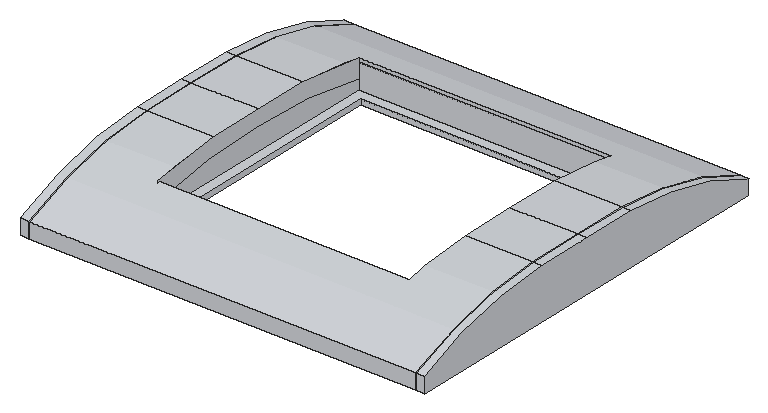
Revit family "Gira_021153", category Electrical Fixtures, host Face, Revit 2017
Family settings
  Host = Face
  Maintain Annotation Orientation = No
  Round Connector Dimension = Use Diameter
  Part Type = Normal
  Cut with Voids When Loaded = No
  Shared = No
  Room Calculation Point = No
Parameters (values of type "Cov.fr. 1-g interm.fr. CAl Gira Event Opaque orange")
  With mounting grid = "Yes"
  With hinged lid = "No"
  URL = "http://katalog.gira.de/en/datenblatt.html?artikelnr=021153"
  Type of fastening = "Clamp mounting"
  Transparent = "No"
  Surface protection = "Other"
  Suitable for wall duct = "No"
  Suitable for flush-mounted installation = "Yes"
  Suitable for floor box = "No"
  Suitable for built-in installation = "No"
  Number of units vertical = "1"
  Number of units horizontal = "1"
  Number of units = "1"
  Name = "Cov.fr. 1-g interm.fr. CAl Gira Event Opaque orange"
  Mounting direction = "Horizontal and vertical"
  Material quality = "Thermoplastic"
  Material = "Plastic"
  Manufacturer URL = "https://www.gira.de/"
  Manufacturer = "Gira"
  Label space/information surface = "No"
  Keynote = ""
  HeinzeBIM = "https://bimportal.heinze.de/bim/cov-fr-1-g-interm-fr-cal-gira-event-opaque-orange/70b77772061f13eb2d4956e3e2a6066fec1730a6"
  Halogen free = "Yes"
  HAN = "021153"
  GTIN = "4010337211532"
  Description = "Cov.fr.1g i.fr.CAl EvOp OR,Gira Event Opaque frames,orange with colour aluminium intermediate frame,1-gang,Features:,- Shatter-proof."
  Degree of protection (IP) = "IP20"
  Default Elevation = 1219.2 mm
  Data sheet (1) = "https://katalog.gira.de/en/download.html?artikelnr=021153"
  Colour = "Orange"
  Category = "Cover frame for domestic switching devices"
  BIM (1) = "https://media.stage.bim.site/public/gira/36a6b08/Event_Rahmen_1fach.rfa"
  Available = "No"
Reference planes
  plane 1 "Center (Front/Back)": y = 0
  plane 2: z = 0
  plane 3 "Center (Left/Right)": x = 0
Forms (mm)
  Extrusion 1, solid, detail levels fine
    sketch origin (0, 0, 1.55) x (0, 1, 0) y (0, 0, 1)
      loop
        arc (12.445, 9.683) -> (6.223, 9.833) -> (0, 9.85) r 291.636
        arc (0, 9.85) -> (-6.223, 9.833) -> (-12.445, 9.683) r 291.636
        arc (-12.445, 9.683) -> (-29.14, 7.482) -> (-45, 1.823) r 79.728
        line (-45, 1.823) -> (-45, -1.55) -> (-41.777, -1.55) -> (-41.777, -0.55)
        arc (-41.777, -0.55) -> (-21.205, 4.846) -> (0, 6.467) r 118.15
        arc (0, 6.467) -> (21.205, 4.846) -> (41.777, -0.55) r 118.15
        line (41.777, -0.55) -> (41.777, -1.55) -> (45, -1.55) -> (45, 1.823)
        arc (45, 1.823) -> (29.14, 7.482) -> (12.445, 9.683) r 79.728
    from -43 to 43
  Extrusion 2, void, detail levels fine
    sketch origin (0, 0, 0) x (1, 0, 0) y (0, 1, 0)
      loop
        line (-28, -28) -> (28, -28) -> (28, 28) -> (-28, 28) -> (-28, -28)
    from 2.85 to 12
  Extrusion 3, solid, detail levels coarse
    sketch origin (0, 0, 0) x (1, 0, 0) y (0, 1, 0)
      loop
        line (-45, 45) -> (-45, -45) -> (45, -45) -> (45, 45) -> (-45, 45)
    from 0 to 11.4
  Extrusion 4, solid, detail levels medium
    sketch origin (0, 0, 1.55) x (0, 1, 0) y (0, 0, 1)
      loop
        arc (12.445, 9.683) -> (6.223, 9.833) -> (0, 9.85) r 291.636
        arc (0, 9.85) -> (-6.223, 9.833) -> (-12.445, 9.683) r 291.636
        arc (-12.445, 9.683) -> (-29.14, 7.482) -> (-45, 1.823) r 79.728
        line (-45, 1.823) -> (-45, -1.55) -> (45, -1.55) -> (45, 1.823)
        arc (45, 1.823) -> (29.14, 7.482) -> (12.445, 9.683) r 79.728
    from -45 to 45
  Extrusion 5, solid, detail levels fine
    sketch origin (0, 0, 0) x (0, 1, 0) y (0, 0, 1)
      loop
        arc (45, 3.373) -> (29.14, 9.032) -> (12.445, 11.233) r 79.728
        arc (12.445, 11.233) -> (6.223, 11.383) -> (0, 11.4) r 291.636
        arc (0, 11.4) -> (-6.223, 11.383) -> (-12.445, 11.233) r 291.636
        arc (-12.445, 11.233) -> (-29.14, 9.032) -> (-45, 3.373) r 79.728
        line (-45, 3.373) -> (-45, 0) -> (45, 0) -> (45, 3.373)
    from 43 to 45
  Extrusion 6, solid, detail levels fine
    sketch origin (0, 0, 0) x (0, 1, 0) y (0, 0, -1)
      loop
        line (45, -3.373) -> (45, 0) -> (-45, 0) -> (-45, -3.373)
        arc (-45, -3.373) -> (-29.14, -9.032) -> (-12.445, -11.233) r 79.728
        arc (-12.445, -11.233) -> (-6.223, -11.383) -> (0, -11.4) r 291.636
        arc (0, -11.4) -> (6.223, -11.383) -> (12.445, -11.233) r 291.636
        arc (12.445, -11.233) -> (29.14, -9.032) -> (45, -3.373) r 79.728
    from 43 to 45
  Extrusion 7, solid, detail levels fine
    sketch origin (0, 0, 0) x (1, 0, 0) y (0, 1, 0)
      loop
        line (-25.7, 25.7) -> (-25.7, -25.7) -> (25.7, -25.7) -> (25.7, 25.7) -> (-25.7, 25.7)
      loop
        line (-29.495, 27.895) -> (-29.495, -27.895)
        spline (-29.495, -27.895) -> (-29.486, -28.025) -> (-29.461, -28.154) -> (-29.419, -28.278) -> (-29.361, -28.395) -> (-29.288, -28.504) -> (-29.202, -28.602) -> (-29.104, -28.688) -> (-28.995, -28.761) -> (-28.878, -28.819) -> (-28.754, -28.861) -> (-28.625, -28.886) -> (-28.495, -28.895)
        line (-28.495, -28.895) -> (28.495, -28.895)
        spline (28.495, -28.895) -> (28.625, -28.886) -> (28.754, -28.861) -> (28.878, -28.819) -> (28.995, -28.761) -> (29.104, -28.688) -> (29.202, -28.602) -> (29.288, -28.504) -> (29.361, -28.395) -> (29.419, -28.278) -> (29.461, -28.154) -> (29.486, -28.025) -> (29.495, -27.895)
        line (29.495, -27.895) -> (29.495, 27.895)
        spline (29.495, 27.895) -> (29.486, 28.025) -> (29.461, 28.154) -> (29.419, 28.278) -> (29.361, 28.395) -> (29.288, 28.504) -> (29.202, 28.602) -> (29.104, 28.688) -> (28.995, 28.761) -> (28.878, 28.819) -> (28.754, 28.861) -> (28.625, 28.886) -> (28.495, 28.895)
        line (28.495, 28.895) -> (-28.495, 28.895)
        spline (-28.495, 28.895) -> (-28.625, 28.886) -> (-28.754, 28.861) -> (-28.878, 28.819) -> (-28.995, 28.761) -> (-29.104, 28.688) -> (-29.202, 28.602) -> (-29.288, 28.504) -> (-29.361, 28.395) -> (-29.419, 28.278) -> (-29.461, 28.154) -> (-29.486, 28.025) -> (-29.495, 27.895)
    from 1.673 to 8.5
Cuts and joins
  Extrusion 2 cuts Extrusion 1
  Extrusion 2 cuts Extrusion 7
Dimensions and locks
  aligned and locked: plane 2 to host face
  aligned and locked: level to host face
